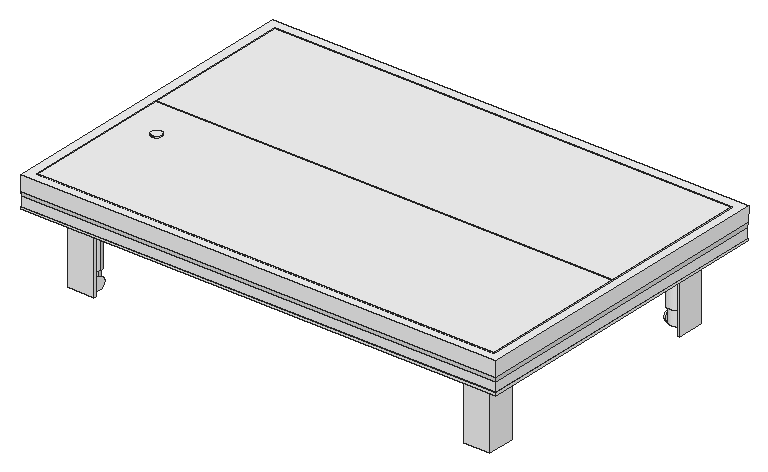
Revit family "NBS_BilcoUKLtd_FlrHtchs_FloorAccessDrainageDoorTypeJD-ALH20", category Doors, host Floor, Revit 2014
Parameters
  Width [instance] = StructuralOpeningWidth + 76 mm * 2  # 912 mm
  Weight = "91 kg"
  WarrantyStartDate [instance] = "1900-12-31T23:59:59"
  WarrantyGuarantorParts = "n/a"
  WarrantyGuarantorLabor = "n/a"
  WarrantyDurationUnit = "year"
  WarrantyDurationParts = "25"
  WarrantyDurationLabor = "n/a"
  WarrantyDescription = "manufacturer warranty"
  Version = "1"  # constant formula
  Uniclass2015Version = "Products v1.1"
  Uniclass2015Reference = "Pr_30_59_36_30"
  Uniclass2015Description = "Floor hatches"
  Uniclass2 = "45-60-36/430"
  ThirdPartyAccreditation = "n/a"
  ThermalTransmittance = 0
  TagNumber [instance] = "n/a"
  SustainabilityPerformance = "n/a"
  SmokeStop = yes
  Size = "1372 x 1014 mm"
  Shape = "Rectangular"
  SerialNumber [instance] = "n/a"
  SelfClosing = no
  SecurityRating = "TRUE"
  Revision = "n/a"
  ReplacementCost = "n/a"
  Reference = "n/a"
  ProductInformation = "www.bilcouk.com"
  OperationModeOptions = "Manual with fixed interior handle and removable exterior turn/lift handle (standard), Manual with panic latch"
  OperationControl = "manual"
  OperatingMechanism = "Compression spring operators enclosed in telescopic tubes (manual)"
  NominalWidth = StructuralOpeningWidth + 127 mm * 2  # 1014 mm
  NominalLength = StructuralOpeningLength + 76 mm * 2  # 1372 mm
  NominalHeight = 305 mm
  Name = "FloorHatches_FloorAccessDrainageDoorTypeJD-1ALH20_BilcoUKLtd"
  NBSTypeID = "n/a"
  NBSReference = "45-25-28/420"
  NBSOfficeMasterTag = "n/a"
  NBSNote = "n/a"
  NBSDescription = "Floor hatches"
  NBSCertification = "http://www.nationalbimlibrary.com/cert/pche1nnx"
  ModelReference = "Floor Access Drainage Door Type JD-1AL H20"
  ModelNumber = "JD-1AL H20"
  MiddleSupportBeams = StructuralOpeningWidth > 1000 mm  # no
  StructuralOpeningWidth = 760 mm
  StructuralOpeningLength = 1220 mm
  PanelMaterial = NBS_Concept
  Material = "Aluminium"
  ManufacturerURL = "www.bilcouk.com"
  ManufacturerName = "Bilco UK Ltd"  # constant formula
  Manufacturer = "bilcouk@bilco.com"
  LockingOptions = "Cylinder lock with keyway, Recessed padlock hasp, Security cover McGuard plugs, Stainless steel slam lock (standard)"
  LiftingMechanismHeight = 292 mm  # constant formula
  Length [instance] = StructuralOpeningLength + 76 mm * 2  # 1372 mm
  IsExternal = yes
  InternalSize = "1220 x 760 mm (l x w)"
  InstallationDate [instance] = "1900-12-31T23:59:59"
  Infiltration = 0
  IfcExportType = "NOTDEFINED"  # constant formula
  IfcExportAs = "IfcDoor"  # constant formula
  IBeamElevation = -68.5 mm  # constant formula
  HasDrive = no
  HardwareFinish = NBS_Concept
  Hardware = "Type 316 (1.4401) stainless steel hinge pins, rigid hold open arm"
  HandicapAccessible = no
  Grade = "n/a"
  GlazingAreaFraction = 0
  FrameSeal = yes
  Frame/MullionMaterial = NBS_Concept
  Format = "External"
  FireRating = "n/a"
  FireExit = yes
  FinishOptions = "Anodized, Mill (standard)"
  Finish = "n/a"
  Features = "Constructed with corrosion resistant materials, heavy-duty construction and positive latching mechanism help to prevent unauthorized access, adjustable anchor tabs, 38 mm drain coupling welded beneath the frame"
  ExpectedLife = "n/a"
  EnvironmentalProductDeclaration = "n/a"
  DurationUnit = "year"
  DoorPosition = "Flush"
  DoorOrientation = "Horizontal"
  DoorMaterial = "6.3 mm thick aluminium reinforced diamond-pattern tread plate"
  DoorLoadCapacity = "ASHTO H-20 wheel loading (14500 kg axle load)"
  Description = "Double leaf aluminium floor access drainage door"
  CutPosition = if(MiddleSupportBeams, 0 mm, StructuralOpeningLength)  # 1220 mm
  Constituents = "n/a"
  Color = "n/a"
  CodePerformance = "n/a"
  Category = "Pr_30_59_36_30 : Floor hatches"
  BarCode [instance] = "n/a"
  BIMObjectName = "NBS_BilcoUKLtd_FloorHatches_FloorAccessDrainageDoorTypeJD-1ALH20"
  Author = "NBS"  # constant formula
  AssetType = "Fixed"
  AssetIdentifier [instance] = "n/a"
  AcousticRating = "n/a"
  Accessories = "Many accessories available"
  AccessibilityPerformance = "n/a"
Reference planes
  plane 1 "Center (Front/Back)": y = 0
  plane 2: z = 0
  plane 3 "Center (Left/Right)": x = 0
  plane 4: x = -610
  plane 5: x = 610
  plane 6: y = 380
  plane 7: y = -380
  plane 8: x = -686
  plane 9: x = 686
  plane 10: y = 456
  plane 11: y = -456
  plane 12: z = -89
  plane 13: z = -300
  plane 14: x = -660
  plane 15: y = 430
  plane 16: x = 660
  plane 17: y = -430
  plane 18: z = -5
  plane 19: y = 269
  plane 20: y = -269
  plane 21: x = -587
  plane 22: x = 587
  plane 23: x = -194.833
  plane 24: x = 194.833
  plane 25: x = -584.5
  plane 26: x = 584.5
  plane 27: z = -132
  plane 28: z = -297
  plane 29: y = 185
  plane 30: z = -59.5
  plane 31: x = -598.5
  plane 32: x = 598.5
  plane 33: y = -185
  plane 34: y = 43
  plane 35: y = -43
  plane 36: y = -118.5
  plane 37: x = -562.5
  plane 38: y = 231
  plane 39: y = 81
  plane 40: y = -81
  plane 41: y = -231
  plane 42: y = -156
  plane 43: y = 156
  plane 44: x = -1270
  plane 45: x = -1170
  plane 46: x = -1220
Forms (mm)
  Extrusion 1, void
    sketch origin (0, 0, 0) x (1, 0, 0) y (0, 1, 0)
      loop
        line (-686, 456) -> (-686, -456) -> (686, -456) -> (686, 456) -> (-686, 456)
    from -89 to 0
  Extrusion 2, void
    sketch origin (0, 0, 0) x (1, 0, 0) y (0, 1, 0)
      loop
        line (-610, -380) -> (610, -380) -> (610, 380) -> (-610, 380) -> (-610, -380)
    from -300 to -89
  Extrusion 3, solid, material "NBS_Concept" <- "PanelMaterial"
    sketch origin (0, 0, 0) x (1, 0, 0) y (0, 1, 0)
      loop
        line (-660, 0) -> (660, 0) -> (660, 430) -> (-660, 430) -> (-660, 0)
    from -5 to 0
  Sweep 4, solid, material "NBS_Concept" <- "Frame/MullionMaterial", detail levels coarse
    path origin (0, 0, 0) x (1, 0, 0) y (0, 1, 0)
      loop
        line (-686, -456) -> (686, -456) -> (686, 456) -> (-686, 456) -> (-686, -456)
    profile "NBS_BilcoUKLtd_Profiles_FloorHatchFrame_J-AL-Coarse : NBS_BilcoUKLtd_Profiles_FloorHatchFrame_J-AL-Coarse" origin (0, -456, 0) x (0, 1, 0) y (0, 0, 1)
      loop
        line (0, -89) -> (76, -89) -> (76, -5) -> (26, -5) -> (26, 0) -> (0, 0) -> (0, -89)
  Sweep 5, solid, material "NBS_Concept" <- "Frame/MullionMaterial", detail levels medium+fine
    path origin (0, 0, 0) x (1, 0, 0) y (0, 1, 0)
      loop
        line (-686, -456) -> (686, -456) -> (686, 456) -> (-686, 456) -> (-686, -456)
    profile "NBS_BilcoUKLtd_Profiles_FloorHatchFrame_J-AL-Fine : NBS_BilcoUKLtd_Profiles_FloorHatchFrame_J-AL-Fine" origin (0, -456, 0) x (0, 1, 0) y (0, 0, 1)
      loop
        line (0, -89) -> (76, -89) -> (76, -5) -> (70, -5) -> (70, -27) -> (64, -27) -> (64, -13) -> (61, -13) -> (61, -30) -> (70, -30) -> (70, -83) -> (25, -83) -> (9, -70) -> (9, -55) -> (6, -43) -> (6, -6) -> (13, -6) -> (20, -9) -> (26, -9) -> (26, 0) -> (0, 0) -> (0, -43.739) -> (3, -55.739) -> (3, -83) -> (0, -83) -> (0, -89)
  Extrusion 6, solid, material "NBS_Concept" <- "PanelMaterial", detail levels coarse
    sketch origin (0, 0, 0) x (1, 0, 0) y (0, 1, 0)
      loop
        line (-587, -269) -> (587, -269) -> (587, -43) -> (-587, -43) -> (-587, -269)
      loop
        line (-587, 269) -> (-587, 43) -> (587, 43) -> (587, 269) -> (-587, 269)
    from -132 to -5
  Extrusion 7, solid, material "NBS_Concept" <- "HardwareFinish", detail levels fine
    sketch origin (-367.696, 367.696, 0) x (1, 0, 0) y (0, 1, 0)
      loop
        circle (-194.804, -486.196) r 15
    from 0 to 1.6
  Extrusion 8, solid, material "NBS_Concept" <- "PanelMaterial"
    sketch origin (0, 0, 0) x (1, 0, 0) y (0, 1, 0)
      loop
        line (-660, -430) -> (660, -430) -> (660, 0) -> (-660, 0) -> (-660, -430)
    from -5 to 0
  Extrusion 9, solid, material "NBS_Concept" <- "PanelMaterial", detail levels medium+fine
    sketch origin (0, 0, 0) x (0, 1, 0) y (0, 0, 1)
      loop
        line (22.5, -24) -> (22.5, -5) -> (6.5, -5) -> (6.5, -12) -> (10.5, -12) -> (16.5, -8) -> (19.5, -8) -> (19.5, -21) -> (-19.5, -21) -> (-19.5, -5) -> (-22.5, -5) -> (-22.5, -24) -> (22.5, -24)
    from -610 to 610
  Extrusion 10, solid, material "NBS_Concept" <- "PanelMaterial", detail levels medium+fine
    sketch origin (0, 0, 0) x (1, 0, 0) y (0, 1, 0)
      loop
        line (-587, 269) -> (-587, 43) -> (-584.5, 43) -> (-584.5, 269) -> (-587, 269)
      loop
        line (584.5, 269) -> (584.5, 43) -> (587, 43) -> (587, 269) -> (584.5, 269)
      loop
        line (-587, -43) -> (-587, -269) -> (-584.5, -269) -> (-584.5, -43) -> (-587, -43)
      loop
        line (584.5, -43) -> (584.5, -269) -> (587, -269) -> (587, -43) -> (584.5, -43)
    from -132 to -5
  Extrusion 11, solid, material "NBS_Concept" <- "Frame/MullionMaterial"
    sketch origin (0, 0, 0) x (1, 0, 0) y (0, 0, 1)
      loop
        line (-610, -137) -> (-559, -137) -> (-559, -132) -> (-605, -132) -> (-605, -61) -> (-610, -61) -> (-610, -137)
      loop
        line (559, -137) -> (610, -137) -> (610, -61) -> (605, -61) -> (605, -132) -> (559, -132) -> (559, -137)
    from -269 to 269
  Sweep 12, solid, material "NBS_Concept" <- "PanelMaterial", detail levels medium+fine
    path origin (0, 0, 0) x (1, 0, 0) y (0, 1, 0)
      loop
        line (-584.5, -231) -> (584.5, -231)
    profile "NBS_BilcoUKLtd_Profiles_I-Beam : NBS_BilcoUKLtd_Profiles_I-Beam" origin (0, -231, 0) x (0, 1, 0) y (0, 0, 1)
      loop
        line (-38, -5) -> (-38, -11) -> (-2.5, -17) -> (-2.5, -120) -> (-38, -126) -> (-38, -132) -> (38, -132) -> (38, -126) -> (2.5, -120) -> (2.5, -17) -> (38, -11) -> (38, -5) -> (-38, -5)
  Sweep 13, solid, material "NBS_Concept" <- "PanelMaterial", visible <- "MiddleSupportBeams", detail levels medium+fine
    path origin (130.815, 130.815, 0) x (1, 0, 0) y (0, 1, 0)
      loop
        line (-715.315, -286.815) -> (453.685, -286.815)
    profile "NBS_BilcoUKLtd_Profiles_I-Beam : NBS_BilcoUKLtd_Profiles_I-Beam" origin (0, -156, 0) x (0, 1, 0) y (0, 0, 1)
      loop
        line (-38, -5) -> (-38, -11) -> (-2.5, -17) -> (-2.5, -120) -> (-38, -126) -> (-38, -132) -> (38, -132) -> (38, -126) -> (2.5, -120) -> (2.5, -17) -> (38, -11) -> (38, -5) -> (-38, -5)
  Sweep 14, solid, material "NBS_Concept" <- "PanelMaterial", detail levels medium+fine
    path origin (27.807, 302.248, 0) x (1, 0, 0) y (0, 1, 0)
      loop
        line (-612.307, -383.248) -> (556.693, -383.248)
    profile "NBS_BilcoUKLtd_Profiles_I-Beam : NBS_BilcoUKLtd_Profiles_I-Beam" origin (0, -81, 0) x (0, 1, 0) y (0, 0, 1)
      loop
        line (-38, -5) -> (-38, -11) -> (-2.5, -17) -> (-2.5, -120) -> (-38, -126) -> (-38, -132) -> (38, -132) -> (38, -126) -> (2.5, -120) -> (2.5, -17) -> (38, -11) -> (38, -5) -> (-38, -5)
  Sweep 15, solid, material "NBS_Concept" <- "PanelMaterial", detail levels medium+fine
    path origin (196.807, 625.027, 0) x (1, 0, 0) y (0, 1, 0)
      loop
        line (-781.307, -544.027) -> (387.693, -544.027)
    profile "NBS_BilcoUKLtd_Profiles_I-Beam : NBS_BilcoUKLtd_Profiles_I-Beam" origin (0, 81, 0) x (0, 1, 0) y (0, 0, 1)
      loop
        line (-38, -5) -> (-38, -11) -> (-2.5, -17) -> (-2.5, -120) -> (-38, -126) -> (-38, -132) -> (38, -132) -> (38, -126) -> (2.5, -120) -> (2.5, -17) -> (38, -11) -> (38, -5) -> (-38, -5)
  Sweep 16, solid, material "NBS_Concept" <- "PanelMaterial", visible <- "MiddleSupportBeams", detail levels medium+fine
    path origin (251.53, 775.378, 0) x (1, 0, 0) y (0, 1, 0)
      loop
        line (-836.03, -619.378) -> (332.97, -619.378)
    profile "NBS_BilcoUKLtd_Profiles_I-Beam : NBS_BilcoUKLtd_Profiles_I-Beam" origin (0, 156, 0) x (0, 1, 0) y (0, 0, 1)
      loop
        line (-38, -5) -> (-38, -11) -> (-2.5, -17) -> (-2.5, -120) -> (-38, -126) -> (-38, -132) -> (38, -132) -> (38, -126) -> (2.5, -120) -> (2.5, -17) -> (38, -11) -> (38, -5) -> (-38, -5)
  Sweep 17, solid, material "NBS_Concept" <- "PanelMaterial", detail levels medium+fine
    path origin (89.409, 937.5, 0) x (1, 0, 0) y (0, 1, 0)
      loop
        line (-673.909, -706.5) -> (495.091, -706.5)
    profile "NBS_BilcoUKLtd_Profiles_I-Beam : NBS_BilcoUKLtd_Profiles_I-Beam" origin (0, 231, 0) x (0, 1, 0) y (0, 0, 1)
      loop
        line (-38, -5) -> (-38, -11) -> (-2.5, -17) -> (-2.5, -120) -> (-38, -126) -> (-38, -132) -> (38, -132) -> (38, -126) -> (2.5, -120) -> (2.5, -17) -> (38, -11) -> (38, -5) -> (-38, -5)
  Extrusion 18, solid, material "NBS_Concept" <- "PanelMaterial", detail levels medium+fine
    sketch origin (0, 0, 0) x (0, 1, 0) y (0, 0, 1)
      loop
        line (228.5, -120) -> (228.5, -17) -> (193, -11) -> (193, -5) -> (119, -5) -> (119, -11) -> (83.5, -17) -> (83.5, -120) -> (119, -126) -> (119, -132) -> (193, -132) -> (193, -126) -> (228.5, -120)
      loop
        line (-83.5, -120) -> (-83.5, -17) -> (-119, -11) -> (-119, -5) -> (-193, -5) -> (-193, -11) -> (-228.5, -17) -> (-228.5, -120) -> (-193, -126) -> (-193, -132) -> (-119, -132) -> (-119, -126) -> (-83.5, -120)
    from -2.5 to 2.5
  Extrusion 19, void
    sketch origin (0, 0, 0) x (0, 1, 0) y (0, 0, 1)
      loop
        line (194, -5) -> (118, -5) -> (118, -11) -> (153.5, -17) -> (153.5, -120) -> (118, -126) -> (118, -132) -> (194, -132) -> (194, -126) -> (158.5, -120) -> (158.5, -17) -> (194, -11) -> (194, -5)
      loop
        line (-118, -5) -> (-194, -5) -> (-194, -11) -> (-158.5, -17) -> (-158.5, -120) -> (-194, -126) -> (-194, -132) -> (-118, -132) -> (-118, -126) -> (-153.5, -120) -> (-153.5, -17) -> (-118, -11) -> (-118, -5)
    from -1270 to -1170
Cuts and joins
  Extrusion 19 cuts Extrusion 3
  Extrusion 19 cuts Extrusion 8
  Extrusion 19 cuts Extrusion 18
Lines and regions (mm)
  Masking region 1
    outline origin (0, 0, 0) x (1, 0, 0) y (0, 1, 0)
      loop
        line (-686, -456) -> (686, -456) -> (686, 456) -> (-686, 456) -> (-686, -456)
  symbolic lines, style "DoorsPanelProjection"
    curve 1: line (-660, -430, 0) -> (660, -430, 0)
    curve 2: line (-660, 430, 0) -> (-660, -430, 0)
    curve 3: line (660, 430, 0) -> (-660, 430, 0)
    curve 4: line (660, -430, 0) -> (660, 430, 0)
    curve 11: line (-660, 0, 0) -> (660, 0, 0)
  symbolic lines, style "DoorsOpeningProjection", detail levels medium+fine
    curve 5: line (-660, 430, 0) -> (0, 0, 0)
    curve 6: line (0, 0, 0) -> (660, 430, 0)
    curve 12: line (-660, -430, 0) -> (0, 0, 0)
    curve 13: line (0, 0, 0) -> (660, -430, 0)
  symbolic lines, style "DoorsHiddenLines", detail levels fine
    curve 7: line (-610, -380, 0) -> (610, -380, 0)
    curve 8: line (-610, 380, 0) -> (-610, -380, 0)
    curve 9: line (610, 380, 0) -> (-610, 380, 0)
    curve 10: line (610, -380, 0) -> (610, 380, 0)
Dimensions and locks
  equal spacing: plane 4, plane 3 "Center (Left/Right)", plane 5
  "StructuralOpeningLength": plane 4 to plane 5
  equal spacing: plane 6, plane 1 "Center (Front/Back)", plane 7
  "StructuralOpeningWidth": plane 6 to plane 7
  equal spacing: plane 10, plane 1 "Center (Front/Back)", plane 11
  "Width": plane 10 to plane 11
  equal spacing: plane 8, plane 3 "Center (Left/Right)", plane 9
  "Length": plane 8 to plane 9
  locked: plane 12 to plane 2 at 89
  locked: plane 17 to plane 11 at 26
  locked: plane 10 to plane 15 at 26
  locked: plane 8 to plane 14 at 26
  locked: plane 16 to plane 9 at 26
  locked: plane 18 to plane 2 at 5
  locked: plane 21 to plane 25 at 2.5
  locked: plane 26 to plane 22 at 2.5
  equal spacing: plane 25, plane 23, plane 24, plane 26
  locked: plane 4 to plane 21 at 23
  locked: plane 22 to plane 5 at 23
  locked: plane 20 to plane 7 at 111
  locked: plane 6 to plane 19 at 111
  locked: plane 27 to plane 18 at 127
  locked: plane 2 to plane 28 at 297
  locked: plane 6 to plane 29 at 195
  locked: plane 4 to plane 31 at 11.5
  locked: plane 32 to plane 5 at 11.5
  locked: plane 30 to plane 2 at 59.5
  locked: plane 33 to plane 7 at 195
  plane 35 to plane 1 "Center (Front/Back)" to plane 34 = 43 mm locked, 43 mm locked
  locked: plane 8 to plane 37 at 123.5
  locked: plane 39 to plane 34 at 38
  locked: plane 40 to plane 35 at 38
  locked: plane 19 to plane 38 at 38
  locked: plane 41 to plane 20 at 38
  equal spacing: plane 38, plane 43, plane 39
  equal spacing: plane 40, plane 42, plane 41
  Extrusion 11 sketch curve to plane 27 to Extrusion 11 sketch curve = 71 mm locked, 5 mm locked  (x2)
  Extrusion 11 sketch curve to Extrusion 11 sketch curve to plane 4 = 46 mm locked, 5 mm locked
  plane 5 to Extrusion 11 sketch curve to Extrusion 11 sketch curve = 5 mm locked, 46 mm locked
  equal spacing: plane 42, plane 36, plane 40
  Extrusion 19 sketch curve to Extrusion 19 sketch curve to Extrusion 19 sketch curve to plane 42 to Extrusion 19 sketch curve to Extrusion 19 sketch curve to Extrusion 19 sketch curve = 0 mm locked, 35.5 mm locked, 2.5 mm locked, 2.5 mm locked, 35.5 mm locked, 0 mm locked
  Extrusion 19 sketch curve to Extrusion 19 sketch curve to Extrusion 19 sketch curve to plane 43 to Extrusion 19 sketch curve to Extrusion 19 sketch curve to Extrusion 19 sketch curve = 0 mm locked, 35.5 mm locked, 2.5 mm locked, 2.5 mm locked, 35.5 mm locked, 0 mm locked
  plane 44 to plane 46 to plane 45 = 50 mm locked, 50 mm locked
  "CutPosition": plane 46 to plane 3 "Center (Left/Right)"
  plane 38 to Extrusion 18 sketch curve to Extrusion 18 sketch curve to Extrusion 18 sketch curve = 2.5 mm locked, 35.5 mm locked, 0 mm locked
  Extrusion 18 sketch curve to Extrusion 18 sketch curve to Extrusion 18 sketch curve to plane 39 = 0 mm locked, 35.5 mm locked, 2.5 mm locked
  plane 40 to Extrusion 18 sketch curve to Extrusion 18 sketch curve to Extrusion 18 sketch curve = 2.5 mm locked, 35.5 mm locked, 0 mm locked
  Extrusion 18 sketch curve to Extrusion 18 sketch curve to Extrusion 18 sketch curve to plane 41 = 0 mm locked, 35.5 mm locked, 2.5 mm locked
  aligned and locked: level to plane 2
  aligned and locked: Extrusion 1 sketch curve to plane 10
  aligned and locked: plane 8 to Extrusion 1 sketch curve
  aligned and locked: plane 11 to Extrusion 1 sketch curve
  aligned and locked: Extrusion 1 sketch curve to plane 9
  aligned and locked: plane 12 to Extrusion 1
  aligned and locked: plane 2 to Extrusion 1
  aligned and locked: plane 13 to host floor
  aligned and locked: plane 6 to Extrusion 2 sketch curve
  aligned and locked: plane 5 to Extrusion 2 sketch curve
  aligned and locked: Extrusion 2 sketch curve to plane 7
  aligned and locked: Extrusion 2 sketch curve to plane 4
  aligned and locked: Extrusion 2 to plane 12
  aligned and locked: Extrusion 2 to plane 13
  aligned and locked: plane 15 to Extrusion 3 sketch curve
  aligned and locked: Extrusion 3 sketch curve to plane 14
  aligned and locked: plane 16 to Extrusion 3 sketch curve
  aligned and locked: plane 2 to Extrusion 3
  aligned and locked: plane 18 to Extrusion 3
  aligned and locked: Sweep 4 sketch curve to plane 8
  aligned and locked: plane 10 to Sweep 4 sketch curve
  aligned and locked: plane 9 to Sweep 4 sketch curve
  aligned and locked: Sweep 4 sketch curve to plane 11
  aligned and locked: Masking region 1 sketch curve to plane 8
  aligned and locked: plane 10 to Masking region 1 sketch curve
  aligned and locked: plane 9 to Masking region 1 sketch curve
  aligned and locked: Masking region 1 sketch curve to plane 11
  aligned and locked: plane 15 to curve 3
  aligned and locked: curve 2 to plane 14
  aligned and locked: curve 1 to plane 17
  aligned and locked: plane 16 to curve 4
  aligned and locked: plane 10 to Sweep 5 sketch curve
  aligned and locked: Sweep 5 sketch curve to plane 8
  aligned and locked: plane 9 to Sweep 5 sketch curve
  aligned and locked: Sweep 5 sketch curve to plane 11
  aligned and locked: plane 19 to Extrusion 6 sketch curve
  aligned and locked: Extrusion 6 sketch curve to plane 20
  aligned and locked: plane 22 to Extrusion 6 sketch curve
  aligned and locked: Extrusion 6 sketch curve to plane 21
  aligned and locked: Extrusion 6 to plane 18
  aligned and locked: plane 27 to Extrusion 6
  aligned and locked: plane 6 to curve 9
  aligned and locked: curve 7 to plane 7
  aligned and locked: curve 8 to plane 4
  aligned and locked: plane 5 to curve 10
  aligned and locked: plane 28 to nested 1
  aligned and locked: nested 2 to plane 18
  aligned and locked: Extrusion 7 to plane 2
  aligned and locked: nested 4 to plane 29
  aligned and locked: nested 3 to plane 29
  aligned and locked: nested 4 to plane 30
  aligned and locked: nested 3 to plane 30
  aligned and locked: plane 31 to nested 4
  aligned and locked: nested 3 to plane 32
  aligned and locked: plane 4 to nested 1
  aligned and locked: plane 5 to nested 5
  aligned and locked: nested 5 to plane 28
  aligned and locked: nested 1 to plane 6
  aligned and locked: plane 6 to nested 5
  aligned and locked: plane 16 to curve 11
  aligned and locked: plane 14 to curve 11
  aligned and locked: plane 1 "Center (Front/Back)" to curve 11
  aligned and locked: plane 1 "Center (Front/Back)" to Extrusion 3 sketch curve
  aligned and locked: Extrusion 8 sketch curve to plane 1 "Center (Front/Back)"
  aligned and locked: Extrusion 8 sketch curve to plane 14
  aligned and locked: Extrusion 8 sketch curve to plane 17
  aligned and locked: plane 16 to Extrusion 8 sketch curve
  aligned and locked: plane 18 to Extrusion 8
  aligned and locked: plane 2 to Extrusion 8
  aligned and locked: plane 30 to nested 8
  aligned and locked: plane 30 to nested 9
  aligned and locked: nested 6 to plane 28
  aligned and locked: plane 28 to nested 7
  aligned and locked: nested 9 to plane 31
  aligned and locked: plane 32 to nested 8
  aligned and locked: plane 33 to nested 9
  aligned and locked: plane 33 to nested 8
  aligned and locked: nested 6 to plane 7
  aligned and locked: plane 7 to nested 7
  aligned and locked: nested 6 to plane 4
  aligned and locked: nested 7 to plane 5
  aligned and locked: plane 34 to Extrusion 6 sketch curve
  aligned and locked: plane 35 to Extrusion 6 sketch curve
  aligned and locked: nested 2 to plane 36
  aligned and locked: nested 2 to plane 37
  aligned and locked: Extrusion 9 sketch curve to plane 18
  aligned and locked: plane 18 to Extrusion 9 sketch curve
  aligned and locked: Extrusion 9 to plane 4
  aligned and locked: plane 5 to Extrusion 9
  aligned and locked: plane 35 to Extrusion 10 sketch curve  (x2)
  aligned and locked: Extrusion 10 sketch curve to plane 22  (x2)
  aligned and locked: plane 26 to Extrusion 10 sketch curve  (x2)
  aligned and locked: plane 20 to Extrusion 10 sketch curve  (x2)
  aligned and locked: plane 21 to Extrusion 10 sketch curve  (x2)
  aligned and locked: Extrusion 10 sketch curve to plane 25  (x2)
  aligned and locked: plane 34 to Extrusion 10 sketch curve  (x2)
  aligned and locked: Extrusion 10 sketch curve to plane 19  (x2)
  aligned and locked: Extrusion 10 to plane 18
  aligned and locked: plane 27 to Extrusion 10
  aligned and locked: Extrusion 11 sketch curve to plane 4
  aligned and locked: Extrusion 11 sketch curve to plane 27  (x2)
  aligned and locked: plane 5 to Extrusion 11 sketch curve
  aligned and locked: plane 19 to Extrusion 11
  aligned and locked: Extrusion 11 to plane 20
  aligned and locked: plane 25 to Sweep 12 sketch curve
  aligned and locked: plane 26 to Sweep 12 sketch curve
  aligned and locked: Sweep 12 sketch curve to plane 41
  aligned and locked: plane 25 to Sweep 13 sketch curve
  aligned and locked: plane 26 to Sweep 13 sketch curve
  aligned and locked: plane 42 to Sweep 13 sketch curve
  aligned and locked: plane 25 to Sweep 14 sketch curve
  aligned and locked: plane 26 to Sweep 14 sketch curve
  aligned and locked: plane 40 to Sweep 14 sketch curve
  aligned and locked: plane 25 to Sweep 15 sketch curve
  aligned and locked: plane 26 to Sweep 15 sketch curve
  aligned and locked: Sweep 15 sketch curve to plane 39
  aligned and locked: plane 25 to Sweep 16 sketch curve
  aligned and locked: plane 26 to Sweep 16 sketch curve
  aligned and locked: Sweep 16 sketch curve to plane 43
  aligned and locked: plane 25 to Sweep 17 sketch curve
  aligned and locked: plane 26 to Sweep 17 sketch curve
  aligned and locked: Sweep 17 sketch curve to plane 38
  aligned and locked: Extrusion 19 to plane 44
  aligned and locked: plane 45 to Extrusion 19
Automatic sketch dimensions
  curve 6 to plane 3 "Center (Left/Right)" = 0 mm
  curve 13 to plane 3 "Center (Left/Right)" = 0 mm
  Extrusion 6 sketch curve to plane 21 = 0 mm
  Extrusion 6 sketch curve to plane 22 = 0 mm
  Extrusion 7 sketch curve to plane 36 = 0 mm
  Extrusion 7 sketch curve to plane 37 = 0 mm
  plane 1 "Center (Front/Back)" to Extrusion 9 sketch curve = 22.5 mm
  Extrusion 9 sketch curve to Extrusion 9 sketch curve = 3 mm  (x4)
  Extrusion 9 sketch curve to plane 1 "Center (Front/Back)" = 6.5 mm
  Extrusion 9 sketch curve to Extrusion 9 sketch curve = 4 mm
  plane 18 to Extrusion 9 sketch curve = 3 mm
  Extrusion 9 sketch curve to Extrusion 9 sketch curve = 6 mm
  plane 18 to Extrusion 9 sketch curve = 7 mm
  plane 18 to Extrusion 9 sketch curve = 16 mm
  plane 18 to Extrusion 19 sketch curve = 0 mm  (x2)
  plane 27 to Extrusion 19 sketch curve = 0 mm  (x2)
  Extrusion 19 sketch curve to plane 27 = 6 mm  (x4)
  plane 18 to Extrusion 19 sketch curve = 6 mm  (x2)
  Extrusion 19 sketch curve to plane 27 = 12 mm  (x2)
  Extrusion 19 sketch curve to Extrusion 19 sketch curve = 0 mm  (x4)
  plane 18 to Extrusion 19 sketch curve = 12 mm  (x2)
  Extrusion 19 sketch curve to Extrusion 19 sketch curve = 6 mm  (x2)
  plane 18 to Extrusion 18 sketch curve = 0 mm  (x2)
  plane 27 to Extrusion 18 sketch curve = 0 mm  (x2)
  Extrusion 18 sketch curve to plane 27 = 6 mm  (x4)
  Extrusion 18 sketch curve to plane 27 = 12 mm  (x4)
  plane 18 to Extrusion 18 sketch curve = 12 mm  (x4)
  Extrusion 18 sketch curve to Extrusion 18 sketch curve = 6 mm  (x4)
  radius of Extrusion 7 sketch curve = 15 mm
Nested families
  nested 1: "NBS_BilcoUKLtd_Hardware_LiftingMechanism_Floorhatch" at (-610, 380, -297), HardwareFinish <- "HardwareFinish", Height <- "LiftingMechanismHeight", type "NBS_BilcoUKLtd_Hardware_LiftingMechanism_FloorHatch", detail levels fine
    with built-in parameter 1001300 292 mm, HardwareFinish NBS_Concept
  nested 2: "NBS_BilcoUKLtd_Hardware_InsideHandle_FloorHatch-H20" at (-562.5, -118.5, -5) x (0, -1, 0) z (0, 0, 1), HardwareFinish <- "HardwareFinish", type "NBS_BilcoUKLtd_Hardware_InsideHandle_FloorHatch-H20", detail levels fine
    with HardwareFinish NBS_Concept
  nested 3: "NBS_BilcoUKLtd_Hardware_HoldOpenArm_FloorHatch" at (598.5, 185, -59.5), HardwareFinish <- "HardwareFinish", type "Standard", detail levels fine
    with HardwareFinish NBS_Concept
  nested 4: "NBS_BilcoUKLtd_Hardware_HoldOpenArm_FloorHatch" at (-598.5, 185, -59.5), HardwareFinish <- "HardwareFinish", type "StandardWithGrip", detail levels fine
    with HardwareFinish NBS_Concept
  nested 5: "NBS_BilcoUKLtd_Hardware_LiftingMechanism_Floorhatch" at (610, 380, -297) x (-1, 0, 0) z (0, 0, 1), HardwareFinish <- "HardwareFinish", Height <- "LiftingMechanismHeight", type "NBS_BilcoUKLtd_Hardware_LiftingMechanism_FloorHatch", detail levels fine
    with built-in parameter 1001300 292 mm, HardwareFinish NBS_Concept
  nested 6: "NBS_BilcoUKLtd_Hardware_LiftingMechanism_Floorhatch" at (-610, -380, -297), HardwareFinish <- "HardwareFinish", Height <- "LiftingMechanismHeight", type "NBS_BilcoUKLtd_Hardware_LiftingMechanism_FloorHatch", detail levels fine
    with built-in parameter 1001300 292 mm, HardwareFinish NBS_Concept
  nested 7: "NBS_BilcoUKLtd_Hardware_LiftingMechanism_Floorhatch" at (610, -380, -297) x (-1, 0, 0) z (0, 0, 1), HardwareFinish <- "HardwareFinish", Height <- "LiftingMechanismHeight", type "NBS_BilcoUKLtd_Hardware_LiftingMechanism_FloorHatch", detail levels fine
    with built-in parameter 1001300 292 mm, HardwareFinish NBS_Concept
  nested 8: "NBS_BilcoUKLtd_Hardware_HoldOpenArm_FloorHatch" at (598.5, -185, -59.5), HardwareFinish <- "HardwareFinish", type "Standard", detail levels fine
    with HardwareFinish NBS_Concept
  nested 9: "NBS_BilcoUKLtd_Hardware_HoldOpenArm_FloorHatch" at (-598.5, -185, -59.5), HardwareFinish <- "HardwareFinish", type "StandardWithGrip", detail levels fine
    with HardwareFinish NBS_Concept
Definition of nested family "NBS_BilcoUKLtd_Hardware_LiftingMechanism_Floorhatch"
  Parameters (values of type "NBS_BilcoUKLtd_Hardware_LiftingMechanism_Floorhatch")
    Height [instance] = 500 mm
    HardwareFinish [instance] = NBS_Concept
  Reference planes
    plane 1 "Center (Front/Back)": y = 0
    plane 2: z = 0
    plane 3 "Center (Left/Right)": x = 0
    plane 4: z = 500
    plane 5: z = 50.748
    plane 6: z = 438
    plane 7: y = -36
    plane 8: z = 6
    plane 9: z = 233
  Forms (mm)
    Extrusion 1, solid, material "NBS_Concept" <- "HardwareFinish"
      sketch origin (0, 0, 0) x (0, 1, 0) y (0, 0, 1)
        loop
          line (-5, 0) -> (-5, 48) -> (-10, 48) -> (-42.707, 30.021)
          arc (-42.707, 30.021) -> (-50.497, 12.021) -> (-35, 0) r 16
          line (-35, 0) -> (-5, 0)
      from 15.5 to 65.5
    Extrusion 2, solid, material "NBS_Concept" <- "HardwareFinish"
      sketch origin (0, -4.807, 0) x (1, 0, 0) y (0, 1, 0)
        loop
          circle (40.5, -31.193) r 26
      from 50.748 to 438
    Extrusion 3, solid, material "NBS_Concept" <- "HardwareFinish"
      sketch origin (0, 0, 0) x (0, 1, 0) y (0, 0, 1)
        loop
          line (-5, 453) -> (-5, 500) -> (-111, 500) -> (-111, 478) -> (-35, 478) -> (-35, 453)
          arc (-35, 453) -> (-20, 438) -> (-5, 453) r 15
      from 30.5 to 50.5
    Extrusion 4, void
      sketch origin (0, 0, 0) x (1, 0, 0) y (0, 1, 0)
        loop
          line (20.5, -10) -> (20.5, -51) -> (60.5, -51) -> (60.5, -10) -> (20.5, -10)
      from 0 to 48
    Extrusion 5, void
      sketch origin (0, 0, 0) x (1, 0, 0) y (0, 0, 1)
        loop
          line (35.5, 500) -> (35.5, 438) -> (45.5, 438) -> (45.5, 500) -> (35.5, 500)
      from 5 to 111
    Extrusion 6, solid, material "NBS_Concept" <- "HardwareFinish"
      sketch origin (0, 0, 0) x (1, 0, 0) y (0, 1, 0)
        loop
          circle (40.5, -36) r 20.5
      from 6 to 50.748
    Extrusion 7, solid, material "NBS_Concept" <- "HardwareFinish"
      sketch origin (0, 0, 0) x (0, 1, 0) y (0, 0, 1)
        loop
          line (-62, 438) -> (-10, 438)
          arc (-10, 438) -> (-6.464, 439.464) -> (-5, 443) r 5
          line (-5, 443) -> (-5, 453)
          arc (-5, 453) -> (-20, 468) -> (-35, 453) r 15
          line (-35, 453) -> (-47, 453)
          arc (-47, 453) -> (-57.607, 448.607) -> (-62, 438) r 15
      from 35.5 to 45.5
    Extrusion 8, solid, material "NBS_Concept" <- "HardwareFinish"
      sketch origin (-95.853, -117.681, 0) x (1, 0, 0) y (0, 1, 0)
        loop
          line (95.853, 41.681) -> (100.853, 41.681) -> (100.853, 112.681) -> (171.853, 112.681) -> (171.853, 117.681) -> (95.853, 117.681) -> (95.853, 41.681)
      from 0 to 233
  Cuts and joins
    Extrusion 4 cuts Extrusion 1
    Extrusion 4, Extrusion 5 cuts Extrusion 3
  Dimensions and locks
    "Height": plane 4 to plane 2
    plane 5 to plane 8 to plane 2 = 44.748 mm locked, 6 mm locked
    locked: plane 9 to plane 2 at 233
    locked: plane 1 "Center (Front/Back)" to plane 7 at 36
    locked: plane 4 to plane 6 at 62
    aligned and locked: level to plane 2
    aligned and locked: Extrusion 3 sketch curve to plane 4
    aligned and locked: plane 7 to Extrusion 6 sketch curve
    aligned and locked: plane 7 to Extrusion 2 sketch curve
    aligned and locked: plane 8 to Extrusion 6
    aligned and locked: Extrusion 5 sketch curve to plane 4
    aligned and locked: plane 9 to Extrusion 8
    aligned and locked: Extrusion 8 to plane 2
    aligned and locked: plane 5 to Extrusion 6
    aligned and locked: Extrusion 2 to plane 5
    aligned and locked: plane 6 to Extrusion 2
    aligned and locked: Extrusion 5 sketch curve to plane 6
  Automatic sketch dimensions
    Extrusion 1 sketch curve to level = 0 mm
    plane 1 "Center (Front/Back)" to Extrusion 1 sketch curve = 5 mm
    level to Extrusion 1 sketch curve = 30.021 mm
    Extrusion 1 sketch curve to Extrusion 1 sketch curve = 5 mm
    Extrusion 1 sketch curve to Extrusion 1 sketch curve = 30 mm
    Extrusion 1 sketch curve to Extrusion 1 sketch curve = 7.707 mm
    Extrusion 1 sketch curve to Extrusion 1 sketch curve = 17.979 mm
    plane 3 "Center (Left/Right)" to Extrusion 4 sketch curve = 60.5 mm
    plane 1 "Center (Front/Back)" to Extrusion 4 sketch curve = 51 mm
    plane 1 "Center (Front/Back)" to Extrusion 4 sketch curve = 10 mm
    plane 3 "Center (Left/Right)" to Extrusion 4 sketch curve = 20.5 mm
    plane 3 "Center (Left/Right)" to Extrusion 5 sketch curve = 45.5 mm
    plane 3 "Center (Left/Right)" to Extrusion 8 sketch curve = 0 mm
    Extrusion 8 sketch curve to Extrusion 8 sketch curve = 5 mm  (x2)
    Extrusion 8 sketch curve to Extrusion 8 sketch curve = 71 mm
    plane 1 "Center (Front/Back)" to Extrusion 8 sketch curve = 5 mm
    plane 1 "Center (Front/Back)" to Extrusion 8 sketch curve = 76 mm
    plane 3 "Center (Left/Right)" to Extrusion 2 sketch curve = 40.5 mm
    plane 3 "Center (Left/Right)" to Extrusion 6 sketch curve = 40.5 mm
    Extrusion 3 sketch curve to Extrusion 3 sketch curve = 15 mm
    Extrusion 3 sketch curve to plane 4 = 22 mm
    Extrusion 3 sketch curve to plane 7 = 75 mm
    Extrusion 5 sketch curve to Extrusion 5 sketch curve = 10 mm
    Extrusion 3 sketch curve to Extrusion 3 sketch curve = 25 mm
    plane 7 to Extrusion 3 sketch curve = 1 mm
    Extrusion 7 sketch curve to plane 6 = 0 mm
    Extrusion 7 sketch curve to plane 7 = 26 mm
    Extrusion 7 sketch curve to plane 7 = 11 mm
    plane 7 to Extrusion 7 sketch curve = 1 mm
    Extrusion 7 sketch curve to Extrusion 7 sketch curve = 15 mm
    Extrusion 7 sketch curve to Extrusion 7 sketch curve = 5 mm
    radius of Extrusion 2 sketch curve = 26 mm
    radius of Extrusion 6 sketch curve = 20.5 mm
Definition of nested family "NBS_BilcoUKLtd_Hardware_InsideHandle_FloorHatch-H20"
  Parameters (values of type "NBS_BilcoUKLtd_Hardware_InsideHandle_FloorHatch-H20")
    HardwareFinish [instance] = NBS_Concept
  Reference planes
    plane 1 "Center (Front/Back)": y = 0
    plane 2: z = 0
    plane 3 "Center (Left/Right)": x = 0
  Forms (mm)
    Extrusion 1, solid, material "NBS_Concept" <- "HardwareFinish"
      sketch origin (0, -5.5, 0) x (1, 0, 0) y (0, 1, 0)
        loop
          line (-43, -16.5) -> (43, -16.5) -> (43, 27.5) -> (-43, 27.5) -> (-43, -16.5)
      from -22 to 0
    Extrusion 2, solid, material "NBS_Concept" <- "HardwareFinish"
      sketch origin (0, 0, 0) x (0, 1, 0) y (0, 0, 1)
        loop
          line (22, -8) -> (22, -10) -> (28.074, -10)
          arc (28.074, -10) -> (56.001, -34.981) -> (82, -8) r 27
          line (82, -8) -> (80, -8)
          arc (80, -8) -> (55, -33) -> (30, -8) r 25
          line (30, -8) -> (22, -8)
      from -15 to 15
    Extrusion 3, void
      sketch origin (0, 0, 0) x (1, 0, 0) y (0, 1, 0)
        loop
          line (-5, 22) -> (-5, 27.13)
          arc (-5, 27.13) -> (-9.998, 53.087) -> (-4.598, 78.964) r 67.202
          arc (-4.598, 78.964) -> (0, 82) -> (4.598, 78.964) r 5
          arc (4.598, 78.964) -> (9.998, 53.087) -> (5, 27.13) r 67.202
          line (5, 27.13) -> (5, 22) -> (25, 22) -> (25, 122) -> (-25, 122) -> (-25, 22) -> (-5, 22)
      from -100 to 0
  Cuts and joins
    Extrusion 3 cuts Extrusion 2
  Dimensions and locks
    aligned and locked: level to plane 2
Definition of nested family "NBS_BilcoUKLtd_Hardware_HoldOpenArm_FloorHatch"
  Parameters (values of type "Standard")
    HardwareFinish [instance] = NBS_Concept
    Grip = no
  Types (3, lengths in mm): name | Grip
    (no name) | no
    Standard | no
    StandardWithGrip | yes
  Reference planes
    plane 1 "Center (Front/Back)": y = 0
    plane 2: z = 0
    plane 3 "Center (Left/Right)": x = 0
    plane 4: z = 51
    plane 5: z = -51
  Forms (mm)
    Extrusion 1, solid, material "NBS_Concept" <- "HardwareFinish"
      sketch origin (-394.62, -116.648, 0) x (1, 0, 0) y (0, 1, 0)
        loop
          line (387.62, -68.352) -> (401.62, -68.352) -> (401.62, -27.352) -> (398.62, -27.352) -> (398.62, -64.352) -> (390.62, -64.352) -> (390.62, -27.352) -> (387.62, -27.352) -> (387.62, -68.352)
      from -47.5 to 47.5
    Extrusion 2, solid, material "NBS_Concept" <- "HardwareFinish"
      sketch origin (0, 0, 0) x (0, 1, 0) y (0, 0, 1)
        loop
          line (-4.221, 9.361) -> (-164.644, -13.185)
          arc (-164.644, -13.185) -> (-180.815, -34.644) -> (-159.356, -50.815) r 19
          line (-159.356, -50.815) -> (1.068, -28.269)
          arc (1.068, -28.269) -> (17.239, -6.81) -> (-4.221, 9.361) r 19
        loop
          line (0, 51) -> (-162, 51)
          arc (-162, 51) -> (-181, 32) -> (-162, 13) r 19
          line (-162, 13) -> (0, 13)
          arc (0, 13) -> (19, 32) -> (0, 51) r 19
      from -4 to 4
    Sweep 3, solid, material "NBS_Concept" <- "HardwareFinish", visible <- "Grip"
      path origin (0, 0, 0) x (0, 1, 0) y (0, 0, 1)
        loop
          line (-185, 37.5) -> (-201.961, 34.108)
          arc (-201.961, 34.108) -> (-207.733, 30.642) -> (-210, 24.302) r 10
          line (-210, 24.302) -> (-210, -24.302)
          arc (-210, -24.302) -> (-207.733, -30.642) -> (-201.961, -34.108) r 10
          line (-201.961, -34.108) -> (-185, -37.5)
      profile origin (0, -193.481, 35.804) x (0, 0.196116, -0.980581) y (1, 0, 0)
        loop
          circle (0, 0) r 3
  Dimensions and locks
    aligned and locked: level to plane 2
